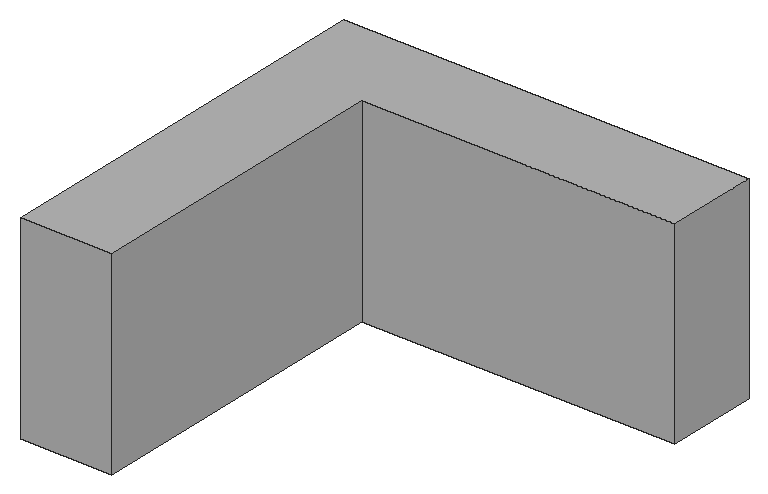
Revit family "100x215x440x440mm Corner Padstone -PS149", category Generic Models, Revit 2020
Family settings
  Can host rebar = No
  Round Connector Dimension = Use Diameter
  Part Type = Normal
  Work Plane-Based = No
  Always vertical = Yes
  Cut with Voids When Loaded = No
  Shared = No
  Room Calculation Point = No
Parameters
  Weight = "40Kg"
  Warranty Guarantor Parts = "n/a"
  Warranty Guarantor Labour = "n/a"
  Warranty Duration Unit = "n/a"
  Warranty Duration Parts = "n/a"
  Warranty Duration Labour = "n/a"
  Warranty Description = "n/a"
  Unit Width [instance] = 100 mm
  Unit Length [instance] = 440 mm
  Unit Height [instance] = 215 mm
  URL = "www.killeshal.com"
  Types = "Single"
  Type Comments = "Visit our website for a full list of available products."
  Sustainability Performance = "n/a"
  Structural Class = "n/a"
  Span = "Length."
  Slope = "0.00°"
  Size = "100 Wide x 215 High x 440 x 440mm Long Corner."
  Shape = "As per drawing"
  Service Life = "0.000000"
  Serial Number = "n/a"
  Resistance to Fire = "n/a"
  Replacement Cost = "n/a"
  Reference = "n/a"
  Notified Body = "n/a"
  Nominal Cover to Main Bar = "n/a"
  Model = "P/149 Padstone."
  Mechanical Resistance = "n/a"
  Manufacturer = "Killeshal Precast Concrete Ltd."
  Load Bearing = yes
  Life Cycle Environmental Load = "n/a"
  Length Options = "Stock sizes available. Custom sizes made to order."
  Keynote = "The information contained is the sole property of KPC Ltd., any reproduction in part or whole without permission of KPC Ltd. is prohibited."
  Environmental Product Declaration = "n/a"
  Environmental Class = "n/a"
  Durability against Corrosion = "n/a"
  Dimension Accuracy Class = "n/a"
  Detailing = "As per design specification and product drawings."
  Description = "Padstone 100 x 215 x 440 x 440mm."
  Default Elevation = 0 mm
  Dangerous Substances = "n/a"
  Contact Tel = "0035357 9353018"
  Contact Email = "sales@killeshal.com"
  Construction Type = "Precast"
  Construction Tolerance Class = "n/a"
  Compressive Strength of Concrete = "40N/mm²"
  Characteristics of Reinforcing Steel = "n/a"
  Characteristics Deflection Under Load = "n/a"
Reference planes
  plane 1 "Center (Front/Back)": y = 0
  plane 2: z = 0
  plane 3 "Center (Left/Right)": x = 0
  plane 4 "Rear": y = 50
  plane 5 "Front": y = -50
  plane 6 "Top": z = 215
  plane 7: x = 440
  plane 8: x = 100
Forms (mm)
  Extrusion 1, solid, material "Precast Concrete (KPC)"
    sketch origin (0, 0, 0) x (0, 1, 0) y (0, 0, 1)
      loop
        line (50, 0) -> (50, 215) -> (-50, 215) -> (-50, 0) -> (50, 0)
    from 0 to 440
  Extrusion 2, solid, material "Precast Concrete (KPC)"
    sketch origin (-340, 0, 0) x (1, 0, 0) y (0, 0, 1)
      loop
        line (340, 0) -> (440, 0) -> (440, 215) -> (340, 215) -> (340, 0)
    from 50 to 390
Cuts and joins
  joined: Extrusion 1, Extrusion 2
Dimensions and locks
  "Unit Length": Extrusion 1 to Extrusion 1
  "Unit Width": Extrusion 1 to Extrusion 1
  "Unit Height": Extrusion 1 to Extrusion 1
  cut or joined group of Extrusion 1, Extrusion 2 to cut or joined group of Extrusion 1, Extrusion 2 = 440 mm  (x2)
  aligned and locked: level to plane 2
Automatic sketch dimensions
  Extrusion 1 sketch curve to level = 0 mm
  Extrusion 1 sketch curve to plane 5 "Front" = 0 mm
  Extrusion 1 sketch curve to plane 4 "Rear" = 0 mm
  Extrusion 1 sketch curve to plane 6 "Top" = 0 mm
  Extrusion 2 sketch curve to plane 3 "Center (Left/Right)" = 0 mm
  Extrusion 2 sketch curve to plane 6 "Top" = 0 mm
  plane 8 to Extrusion 2 sketch curve = 0 mm
  Extrusion 2 sketch curve to level = 0 mm
